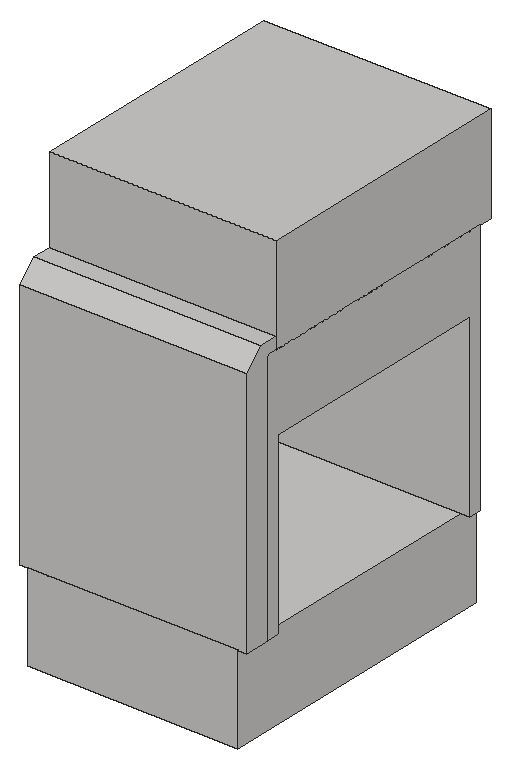
Revit family "QF_ELECTROLUXPROFESSIONAL_888001_NMDSRE6", category Specialty Equipment, Revit 2018
Family settings
  Round Connector Dimension = Use Diameter
  Part Type = Normal
  Work Plane-Based = No
  Always vertical = Yes
  Cut with Voids When Loaded = No
  Shared = No
  Room Calculation Point = No
Parameters
  Weight = 55.00 kg
  Watts = 0 W
  Volts = 0 V
  URL Manufacturer = ""
  URL = ""
  Steam Supply Size = 0 mm
  Steam Supply Minimum Pressure = 0.0 Pa
  Steam Supply Maximum Pressure = 0.0 Pa
  Steam Pounds per Hour = 0
  Refrigeration Suction Line Size = 0 mm
  Refrigeration Liquid Line Size = 0 mm
  Refrigerant Compressor Remote = yes
  Manufacturer = ""
  Phase = 0
  Model = ""
  Length Actual = 570 mm  # constant formula
  Item Number = ""
  Hot Water Size = 0 mm
  Height Actual = 1187 mm  # constant formula
  HP = "5.8 HP"
  Gas Size = 0 mm
  Gas KW = 0
  Gas Input Pressure = 0 W
  Direct Waste Size = 50.8 mm
  Description = ""
  Depth Actual = 767 mm  # constant formula
  Cycle = 0 Hz
  Condensate Return Size = 0 mm
  Compressed Air Volume = 0.0 L/s
  Compressed Air Size = 0 mm
  Compressed Air Pressure = 0.0 Pa
  Cold Water Size = 0 mm
  Accessory = yes
Types (2, lengths in mm): name | Volts | URL Manufacturer | URL | Manufacturer | Phase | Model | Item Number | Description | Cycle
  (no name) | 0 V | "" | "" | "" | 0 | "" | "" | "" | 0 Hz
  Standard | 380 V | "http://professional.electrolux.com" | "http://professional.electrolux.com" | "Electrolux Professional" | 3 | "NMDSRE6" | "888001" | "MEDIUM HOT AIR BLOWER WITHOUT DOOR FOR SINGLE RINSE RACK TYPE DISHWASHER, ELECTRIC,600MM, 4.5KW,380-400V/60HZ/3N" | 60 Hz
Reference planes
  plane 1 "Centro (Fronte/Retro)": y = 0
  plane 2: z = 0
  plane 3 "Centro (Sinistra/Destra)": x = 0
  plane 4 "LEFT": x = -285
  plane 5 "RIGHT": x = 285
  plane 6 "BACK": y = 383.5
  plane 7 "FRONT": y = -383.5
  plane 8: z = 637
  plane 9: z = 1748
  plane 10: y = 583.5
Forms (mm)
  Extrusion 1, solid, material "QF_Finishes_Stainless Steel"
    sketch origin (0, -19, 0) x (0, 1, 0) y (0, 0, 1)
      loop
        line (-270.5, 1531) -> (-320.5, 1531) -> (-364.5, 1487) -> (-364.5, 858) -> (-298.5, 858) -> (-298.5, 1501) -> (-270.5, 1501) -> (-270.5, 1531)
    from -285 to 285
  Extrusion 2, solid, material "QF_Finishes_Stainless Steel"
    sketch origin (0, 0, 0) x (0, 1, 0) y (0, 0, 1)
      loop
        line (-383.5, 858) -> (-383.5, 637) -> (364.5, 637) -> (364.5, 858) -> (-383.5, 858)
    from -264 to 264
  Extrusion 3, solid, material "QF_Finishes_Stainless Steel"
    sketch origin (0, 0, 0) x (0, 1, 0) y (0, 0, 1)
      loop
        line (-289.5, 1501) -> (383.5, 1501) -> (383.5, 1747) -> (-289.5, 1747) -> (-289.5, 1501)
    from -285 to 285
  Extrusion 4, solid, material "QF_Finishes_Stainless Steel"
    sketch origin (0, 0, 0) x (0, 1, 0) y (0, 0, 1)
      loop
        line (-317.5, 1501) -> (-317.5, 858) -> (-284.5, 858) -> (-284.5, 1308) -> (316.5, 1308) -> (316.5, 858) -> (349.5, 858) -> (349.5, 1501) -> (-317.5, 1501)
    from -285 to 285
  Extrusion 5, solid, material "QF_Finishes_Stainless Steel"
    sketch origin (0, -3.5, 22.487) x (1, 0, 0) y (0, 1, 0)
      loop
        circle (0, 0) r 25
    from 538.513 to 614.513
Lines and regions (mm)
  symbolic lines, style "QF_Clearances"
    curve 1: line (0, 16, 1501) -> (0, 16, 481)
  symbolic lines
    curve 2: line (-285, 383.5, 0) -> (285, 383.5, 0)
    curve 3: line (-285, -383.5, 0) -> (-285, 383.5, 0)
    curve 4: line (285, -383.5, 0) -> (-285, -383.5, 0)
    curve 5: line (285, 383.5, 0) -> (285, -383.5, 0)
    curve 6: line (-285, -289.5, 0) -> (285, -289.5, 0)
    curve 7: line (285, -339.5, 0) -> (-285, -339.5, 0)
Dimensions and locks
  equal spacing: plane 4 "LEFT", plane 3 "Centro (Sinistra/Destra)", plane 5 "RIGHT"
  plane 4 "LEFT" to plane 5 "RIGHT" = 570 mm
  equal spacing: plane 6 "BACK", plane 1 "Centro (Fronte/Retro)", plane 7 "FRONT"
  plane 6 "BACK" to plane 7 "FRONT" = 767 mm
  plane 9 to plane 8 to level = 1111 mm, 637 mm
  locked: plane 10 to plane 6 "BACK" at 200
  aligned and locked: level to plane 2
  aligned and locked: plane 8 to Extrusion 2 sketch curve
Automatic sketch dimensions
  Extrusion 1 sketch curve to plane 9 = 217 mm
  Extrusion 1 sketch curve to Extrusion 1 sketch curve = 50 mm
  Extrusion 1 sketch curve to Extrusion 1 sketch curve = 30 mm
  plane 7 "FRONT" to Extrusion 1 sketch curve = 66 mm
  Extrusion 1 sketch curve to Extrusion 1 sketch curve = 28 mm
  plane 8 to Extrusion 1 sketch curve = 221 mm
  plane 7 "FRONT" to Extrusion 1 sketch curve = 0 mm
  Extrusion 1 sketch curve to Extrusion 1 sketch curve = 14 mm
  plane 7 "FRONT" to Extrusion 2 sketch curve = 0 mm
  Extrusion 2 sketch curve to plane 6 "BACK" = 19 mm
  Extrusion 3 sketch curve to plane 9 = 1 mm
  plane 7 "FRONT" to Extrusion 3 sketch curve = 94 mm
  plane 6 "BACK" to Extrusion 3 sketch curve = 0 mm
  Extrusion 3 sketch curve to Extrusion 3 sketch curve = 246 mm
  Extrusion 4 sketch curve to plane 6 "BACK" = 34 mm
  plane 8 to Extrusion 4 sketch curve = 221 mm
  plane 7 "FRONT" to Extrusion 4 sketch curve = 66 mm
  Extrusion 4 sketch curve to Extrusion 4 sketch curve = 193 mm
  plane 7 "FRONT" to Extrusion 4 sketch curve = 99 mm
  Extrusion 4 sketch curve to plane 6 "BACK" = 67 mm
  Extrusion 4 sketch curve to Extrusion 4 sketch curve = 0 mm
  Extrusion 4 sketch curve to plane 9 = 247 mm
  plane 1 "Centro (Fronte/Retro)" to Extrusion 5 sketch curve = 3.5 mm
  Extrusion 5 sketch curve to plane 3 "Centro (Sinistra/Destra)" = 0 mm
  curve 1 to plane 1 "Centro (Fronte/Retro)" = 16 mm
  curve 1 to plane 8 = 156 mm
  curve 1 to plane 9 = 247 mm
  Extrusion 2 sketch curve to Extrusion 2 sketch curve = 221 mm
  curve 4 to plane 4 "LEFT" = 0 mm
  curve 4 to plane 5 "RIGHT" = 0 mm
  curve 4 to plane 7 "FRONT" = 0 mm
  curve 3 to plane 6 "BACK" = 0 mm
  plane 7 "FRONT" to curve 6 = 94 mm
  plane 7 "FRONT" to curve 7 = 44 mm
  radius of Extrusion 5 sketch curve = 25 mm
Connectors
  piping at (0, -3.5, 561), diameter 50
    settings: on Extrusion 5, index 1, connector inside diameter 609.6 mm, connector length 0 mm, flow factor 0, pipe flow 0.0 L/s, pressure drop 0.0 Pa, fitting loss kfactor 0, connector angle 0.00°, fixture units 0, engagement length 0 mm, angle of deflection 0.00°, flow configuration 1, flow direction 2, fitting loss method 0, system type 16, joint type 0, gender type 0, connector reference index -1, connector utility 0, adjustable connector no, is connector primary yes, connector description "Drain"
